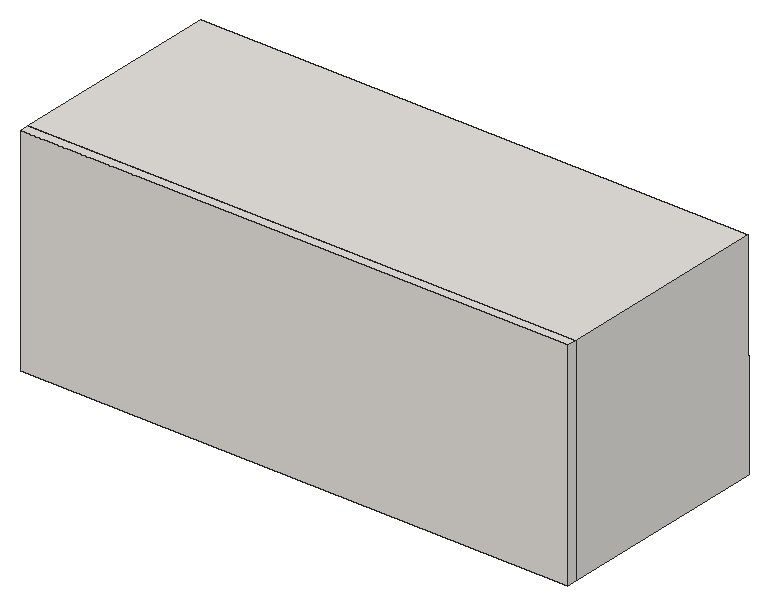
Revit family "Haworth_Compose_Overhead", category Furniture Systems, Revit 2018
Family settings
  Round Connector Dimension = Use Diameter
  Part Type = Normal
  OmniClass Number = 23.40.70.14.64.21
  OmniClass Title = Systems Furniture
  Work Plane-Based = No
  Always vertical = Yes
  Cut with Voids When Loaded = No
  Shared = No
  Room Calculation Point = No
Parameters (values of type "With Sliding Doors 42w 16h")
  Width = 42"
  Warranty = "http://www.haworth.com/resources/product-info/warranties"
  Up Mount = no
  URL - Product = "https://www.haworth.com/na/en/products/active-storage/compose-storage.html"
  URL = "www.haworth.com"
  Sustainability Info = "http://media.haworth.com/asset/2999/Compose%20PEDS.pdf"
  Standard Mount = not(Up Mount)  # yes
  Sliding Door = no
  Size = "Verify Final Dim. w/ Haworth"  # constant formula
  Revision Number = "4"  # constant formula
  No Doors = not(or(Sliding Door, Flip Door))  # no
  Mounting Height [instance] = 50"
  Model = "Haworth Compose - Overhead"  # constant formula
  Min/Max Width = "24-96 in. @ 6 in. increments"  # constant formula
  Min. Width = 24"  # constant formula
  Min. Depth = 6"  # constant formula
  Max. Width = 96"  # constant formula
  Min. Height = 8"  # constant formula
  Max. Height = 16 1/2"  # constant formula
  Max. Depth = 16"  # constant formula
  Manufacturer = "Haworth"  # constant formula
  Light Skirt = no
  Light = no
  Frame Finish = Haworth _ Laminate _ Linen H-WL
  Flip Door = yes
  Door Width = Actual Width - 2"  # 40"
  Door Height = Actual Height - 2"  # 14 1/2"
  Height = 16 1/2"
  Door Finish = Haworth _ Laminate _ Linen H-WL
  Description = "Haworth Compose - Overhead"  # constant formula
  Depth = 15 3/4"
  Custom Size = not(and(Depth = 15 3/4", or(Height = 15 3/4"), or(Actual Width = 24", Actual Width = 30", Actual Width = 36", Actual Width = 42", Actual Width = 48", Actual Width = 54", Actual Width = 60", Actual Width = 66", Actual Width = 72", Actual Width = 78", Actual Width = 84", Actual Width = 90", Actual Width = 96")))  # yes
  Bracket Finish = Haworth _ Paint _ Metallic Champagne
  Box Depth = if(Flip Door, Actual Depth + 3/4", Actual Depth)  # 16 1/2"
  Back Finish = Haworth _ Laminate _ Linen H-WL
  Author = "SHAPE Environments, LLC"  # constant formula
  Assembly Code = "E2020200"
  Actual Width = if(Width > Max. Width, Max. Width, if(Width < Min. Width, Min. Width, Width))  # 42"
  Actual Height = if(Height > Max. Height, Max. Height, if(Height < Min. Height, Min. Height, Height))  # 16 1/2"
  Standard Heights = "15 3/4 in."  # constant formula
  Standard Depth = "15 3/4 in."  # constant formula
  Actual Depth = if(Depth > Max. Depth, Max. Depth, if(Depth < Min. Depth, Min. Depth, Depth))  # 15 3/4"
Reference planes (in)
  plane 1 "Back": y = 0
  plane 2: z = 0
  plane 3 "Center L/R": x = 6.5
  plane 4 "Bottom": z = 50
  plane 5 "Top": z = 66.5
  plane 6 "Left": x = -14.5
  plane 7 "Right": x = 27.5
  plane 8 "Front": y = -16.5
  plane 9 "Inside Top": z = 65.5
  plane 10 "Inside Bottom": z = 51
  plane 11 "Inside Right": x = 26.5
  plane 12 "Inside Left": x = -13.5
  plane 13 "Center F/B": y = -8.25
Forms (in)
  Extrusion 1, solid, material "Haworth _ Laminate _ Linen H-WL" <- "Frame Finish"
    sketch origin (0, 0, 0) x (1, 0, 0) y (0, 0, 1)
      loop
        line (-14.5, 50) -> (27.5, 50) -> (27.5, 66.5) -> (-14.5, 66.5) -> (-14.5, 50)
      loop
        line (-13.5, 65.5) -> (-13.5, 51) -> (26.5, 51) -> (26.5, 65.5) -> (-13.5, 65.5)
    from 0 to 16.5
  Extrusion 2, solid, material "Haworth _ Laminate _ Linen H-WL" <- "Back Finish"
    sketch origin (0, 0, 0) x (1, 0, 0) y (0, 0, 1)
      loop
        line (-13.5, 65.5) -> (-13.5, 51) -> (26.5, 51) -> (26.5, 65.5) -> (-13.5, 65.5)
    from 0 to 0.25
Lines and regions (in)
  Masking region 1
    outline origin (0, 0, 0) x (1, 0, 0) y (0, 1, 0)
      loop
        line (-14.5, 0) -> (-14.5, -16.5) -> (27.5, -16.5) -> (27.5, 0) -> (-14.5, 0)
Dimensions and locks (in)
  "Actual Height": plane 5 "Top" to plane 4 "Bottom"
  equal spacing: plane 7 "Right", plane 3 "Center L/R", plane 6 "Left"
  "Actual Width": plane 7 "Right" to plane 6 "Left"
  "Box Depth": plane 8 "Front" to plane 1 "Back"
  locked: plane 5 "Top" to plane 9 "Inside Top" at 1
  locked: plane 10 "Inside Bottom" to plane 4 "Bottom" at 1
  locked: plane 12 "Inside Left" to plane 6 "Left" at 1
  locked: plane 7 "Right" to plane 11 "Inside Right" at 1
  locked: plane 6 "Left" to nested 3 at 0.375
  locked: nested 4 to plane 7 "Right" at 0.375
  equal spacing: plane 8 "Front", plane 13 "Center F/B", plane 1 "Back"
  "Mounting Height": plane 4 "Bottom" to level
  plane 8 "Front" to plane 1 "Back" = 16 1/2"
  aligned and locked: Extrusion 1 to plane 8 "Front"
  aligned and locked: plane 5 "Top" to Extrusion 1 sketch curve
  aligned and locked: Extrusion 1 sketch curve to plane 6 "Left"
  aligned and locked: plane 7 "Right" to Extrusion 1 sketch curve
  aligned and locked: plane 3 "Center L/R" to nested 1
  aligned: plane 10 "Inside Bottom" to nested 1
  aligned and locked: nested 1 to plane 8 "Front"
  aligned: plane 4 "Bottom" to nested 2
  aligned and locked: plane 1 "Back" to nested 2
  aligned and locked: plane 10 "Inside Bottom" to nested 1
  aligned and locked: plane 4 "Bottom" to nested 2
  aligned and locked: plane 4 "Bottom" to nested 4
  aligned and locked: plane 4 "Bottom" to nested 3
  aligned and locked: Masking region 1 sketch curve to plane 7 "Right"
  aligned and locked: plane 8 "Front" to Masking region 1 sketch curve
  aligned and locked: plane 6 "Left" to Masking region 1 sketch curve
  aligned and locked: plane 1 "Back" to Masking region 1 sketch curve
  aligned and locked: Extrusion 1 to plane 1 "Back"
  aligned and locked: Extrusion 1 to plane 9 "Inside Top"
  aligned and locked: plane 10 "Inside Bottom" to Extrusion 1
  aligned and locked: Extrusion 1 to plane 4 "Bottom"
  aligned and locked: Extrusion 1 to plane 11 "Inside Right"
  aligned and locked: plane 12 "Inside Left" to Extrusion 1
  aligned and locked: plane 6 "Left" to nested 2
  aligned and locked: plane 1 "Back" to nested 4
  aligned and locked: plane 1 "Back" to nested 3
Automatic sketch dimensions
  Extrusion 1 sketch curve to plane 9 "Inside Top" = 0"
  plane 12 "Inside Left" to Extrusion 1 sketch curve = 0"
  Extrusion 1 sketch curve to plane 11 "Inside Right" = 0"
  Extrusion 1 sketch curve to plane 4 "Bottom" = 0"
  plane 10 "Inside Bottom" to Extrusion 1 sketch curve = 0"
  Extrusion 2 sketch curve to plane 10 "Inside Bottom" = 0"
  Extrusion 2 sketch curve to plane 12 "Inside Left" = 0"
  Extrusion 2 sketch curve to plane 11 "Inside Right" = 0"
  Extrusion 2 sketch curve to plane 9 "Inside Top" = 0"
Nested families (in)
  nested 1: "Haworth_Overhead-Doors" at (4.29098, -16.5, 50), type "Haworth_Storage-Doors"
    with Door Width 20 1/2", Actual Width 40", Actual Height 14 1/2"
  nested 2: "Haworth_Overhead-Skirt" at (9, 0, 50), visible <- "Light Skirt", type "Skirt"
    with Actual Width 42", Actual Depth 16 1/2"
  nested 3: "Haworth_Overhead-Bracket" at (-11.875, 0, 50), visible <- "Up Mount", type "Bracket"
  nested 4: "Haworth_Overhead-Bracket" at (29.375, 0, 50), visible <- "Up Mount", type "Bracket"
Definition of nested family "Haworth_Overhead-Doors"
  Parameters
    Warranty = ""
    Sliding Door = no
    URL - Product = ""
    URL = "www.haworth.com"
    Sustainability Info = ""
    Size = "Verify Final Dim. w/ Haworth"  # constant formula
    Revision Number = ""
    Pull Location = 2"
    Panel Thickness = 1"
    Overlap = 1"
    OmniClass Number = ""
    Material Options = ""
    Manufacturer = "Haworth"  # constant formula
    Lock Hardware Sliding Door = no
    Lock Hardware Flip Door = no
    LEED Data = ""
    Frame Finish = none
    Flip Door = yes
    Door Width = ((Actual Width) / 2) + (Overlap / 2)  # 17 1/2"
    Door Finish = none
    Author = "SHAPE Environments, LLC"  # constant formula
    Assembly Code = ""
    Actual Width = 34"
    Actual Height = 13 3/4"
  Reference planes (in)
    plane 1 "Face of Storage": y = 0
    plane 2: z = 0
    plane 3 "Center L/R": x = 2.20902
    plane 4 "Bottom": z = 1
    plane 5 "Top": z = 14.75
    plane 6 "Left": x = -14.79098
    plane 7 "Right": x = 19.20902
    plane 8 "Left Pull": x = -12.79098
    plane 9 "Right Panel Left Limit": x = 1.70902
    plane 10 "Left Panel Right Limit": x = 2.70902
    plane 11 "Right Pull": x = 17.20902
    plane 12 "Outer Top": z = 15.75
    plane 13 "Outer Left": x = -15.79098
    plane 14 "Outer Right": x = 20.20902
    plane 15 "RearSlidingSurface": y = 1
    plane 16 "Handle Center": z = 7.375
    plane 17 "FrontSlidingSurface": y = 0.75
    plane 18 "FlipDoorGlass": y = -0.5
    plane 19: z = 7.875
  Forms (in)
    Extrusion 1, solid, material <- "Door Finish", visible <- "Sliding Door"
      sketch origin (-5.83785, 0.25, -30.75) x (-1, 0, 0) y (0, 0, 1)
        loop
          line (-7.54688, 45.5) -> (-25.04688, 45.5) -> (-25.04688, 31.75) -> (-7.54688, 31.75) -> (-7.54688, 45.5)
      from 1 to 0.75
    Extrusion 2, solid, material <- "Door Finish", visible <- "Sliding Door"
      sketch origin (-19.83785, 0.25, -30.75) x (-1, 0, 0) y (0, 0, 1)
        loop
          line (-5.04688, 45.5) -> (-22.54687, 45.5) -> (-22.54687, 31.75) -> (-5.04688, 31.75) -> (-5.04688, 45.5)
      from 0.5 to 0.75
    Extrusion 3, solid, material <- "Door Finish", visible <- "Flip Door"
      sketch origin (0, 0, 1) x (1, 0, 0) y (0, 0, 1)
        loop
          line (-15.79098, 14.75) -> (-15.79098, -1) -> (20.20902, -1) -> (20.20902, 14.75) -> (-15.79098, 14.75)
      from 0 to 0.75
  Dimensions and locks (in)
    "Actual Width": plane 7 "Right" to plane 6 "Left"
    equal spacing: plane 7 "Right", plane 3 "Center L/R", plane 6 "Left"
    "Pull Location": plane 8 "Left Pull" to plane 6 "Left"
    "Pull Location": plane 7 "Right" to plane 11 "Right Pull"
    "Panel Thickness": plane 12 "Outer Top" to plane 5 "Top"
    "Panel Thickness": plane 6 "Left" to plane 13 "Outer Left"
    "Panel Thickness": plane 14 "Outer Right" to plane 7 "Right"
    locked: plane 1 "Face of Storage" to plane 15 "RearSlidingSurface" at 1
    equal spacing: plane 5 "Top", plane 16 "Handle Center", level
    "Door Width": plane 6 "Left" to plane 10 "Left Panel Right Limit"
    "Door Width": plane 9 "Right Panel Left Limit" to plane 7 "Right"
    plane 9 "Right Panel Left Limit" to plane 10 "Left Panel Right Limit" = 1"
    locked: plane 17 "FrontSlidingSurface" to plane 15 "RearSlidingSurface" at 0.25
    "Panel Thickness": plane 4 "Bottom" to level
    equal spacing: plane 12 "Outer Top", plane 19, level
    "Actual Height": plane 5 "Top" to plane 4 "Bottom"
    aligned and locked: plane 5 "Top" to Extrusion 2
    aligned: Extrusion 2 to plane 4 "Bottom"
    aligned and locked: plane 5 "Top" to Extrusion 1
    aligned: Extrusion 1 to plane 4 "Bottom"
    aligned and locked: plane 10 "Left Panel Right Limit" to Extrusion 2
    aligned and locked: Extrusion 1 to plane 9 "Right Panel Left Limit"
    aligned and locked: plane 13 "Outer Left" to Extrusion 3 sketch curve
    aligned and locked: Extrusion 3 sketch curve to plane 12 "Outer Top"
    aligned and locked: Extrusion 3 sketch curve to plane 14 "Outer Right"
    aligned and locked: plane 8 "Left Pull" to nested 1
    aligned and locked: plane 11 "Right Pull" to nested 2
    aligned: plane 16 "Handle Center" to nested 1  (x3)
    aligned: plane 15 "RearSlidingSurface" to nested 1
    aligned and locked: plane 15 "RearSlidingSurface" to nested 2
    aligned and locked: plane 17 "FrontSlidingSurface" to nested 1
    aligned: plane 16 "Handle Center" to nested 2  (x2)
    aligned and locked: plane 3 "Center L/R" to nested 3
    aligned: nested 3 to plane 2
    aligned and locked: plane 19 to nested 1
    aligned and locked: plane 19 to nested 2
  Automatic sketch dimensions
    Extrusion 1 sketch curve to plane 7 "Right" = 0"
    Extrusion 1 sketch curve to plane 3 "Center L/R" = 1/2"
    plane 4 "Bottom" to Extrusion 1 sketch curve = 0"
    Extrusion 1 sketch curve to plane 5 "Top" = 0"
    Extrusion 2 sketch curve to plane 5 "Top" = 0"
    plane 3 "Center L/R" to Extrusion 2 sketch curve = 1/2"
    plane 6 "Left" to Extrusion 2 sketch curve = 0"
    plane 4 "Bottom" to Extrusion 2 sketch curve = 0"
    Extrusion 3 sketch curve to level = 0"
  Nested families (in)
    nested 1: "Haworth_Handle" at (-12.79098, 0.75, 7.875), visible <- "Sliding Door", type "Haworth_Handle"
      with Handle Length 11 5/8", Door Height 13 3/4"
    nested 2: "Haworth_Handle" at (17.20902, 1, 7.875), visible <- "Sliding Door", type "Haworth_Handle"
      with Handle Length 11 5/8", Door Height 13 3/4"
    nested 3: "Haworth-Lock" at (2.20902, -0.75, 1) x (1, 0, 0) z (0, -1, 0), visible <- "Lock Hardware Flip Door", type "Haworth-Lock"
    nested 4: "Haworth-Lock" at (3.95902, 1, 2.30496) x (-1, 0, 0) z (0, 1, 0), visible <- "Lock Hardware Sliding Door", type "Haworth-Lock"
  Definition of nested family "Haworth_Handle"
    Parameters
      Handle Length = Door Height - 2 1/8"  # 11 7/16"
      Handle Finish = none
      Door Height = 13 9/16"
      Assembly Code = ""
    Reference planes (in)
      plane 1 "Center (Front/Back)": y = 0
      plane 2: z = 0
      plane 3 "Center (Left/Right)": x = 0
      plane 4: z = 5.71875
      plane 5: z = -5.71875
      plane 6: z = 0
    Forms (in)
      Extrusion 1, solid, material <- "Handle Finish"
        sketch origin (0, 0, 0) x (1, 0, 0) y (0, 1, 0)
          loop
            line (-0.125, -0.5) -> (0.125, -0.5) -> (0.1875, 0) -> (-0.1875, 0) -> (-0.125, -0.5)
        from -5.71875 to 5.71875
    Dimensions and locks (in)
      equal spacing: plane 4, level, plane 5
      "Handle Length": plane 4 to plane 5
      aligned and locked: plane 4 to Extrusion 1
      aligned and locked: Extrusion 1 to plane 5
      aligned and locked: level to plane 6
    Automatic sketch dimensions
      plane 1 "Center (Front/Back)" to Extrusion 1 sketch curve = 0"
      Extrusion 1 sketch curve to plane 3 "Center (Left/Right)" = 3/16"
      Extrusion 1 sketch curve to plane 3 "Center (Left/Right)" = 1/8"
      plane 3 "Center (Left/Right)" to Extrusion 1 sketch curve = 1/8"
      plane 3 "Center (Left/Right)" to Extrusion 1 sketch curve = 3/16"
      plane 1 "Center (Front/Back)" to Extrusion 1 sketch curve = 1/2"
  Definition of nested family "Haworth-Lock"
    Parameters
      Lock Radius = 1/2"
      Default Elevation = 48"
      Assembly Code = ""
    Reference planes (in)
      plane 1 "Center (Front/Back)": y = 0
      plane 2: z = 0
      plane 3 "Center (Left/Right)": x = 0
    Forms (in)
      Extrusion 1, solid
        sketch origin (0, 0, 0) x (1, 0, 0) y (0, 1, 0)
          loop
            line (-48, 48) -> (-48, -48) -> (48, -48) -> (48, 48) -> (-48, 48)
        from 0 to -12
      Extrusion 2, solid, detail levels medium+fine
        sketch origin (0, 0, 0) x (1, 0, 0) y (0, 1, 0)
          loop
            circle (0, 0) r 0.5
        from 0 to 0.0625
    Dimensions and locks (in)
      "Lock Radius": radius of Extrusion 2 sketch curve
      aligned and locked: plane 2 to Extrusion 1
      aligned and locked: level to Extrusion 1
    Automatic sketch dimensions
      Extrusion 1 sketch curve to Extrusion 1 sketch curve = 96"  (x2)
      plane 1 "Center (Front/Back)" to Extrusion 2 sketch curve = 0"
      Extrusion 2 sketch curve to plane 3 "Center (Left/Right)" = 0"
Definition of nested family "Haworth_Overhead-Skirt"
  Parameters
    Warranty = ""
    URL - Product = ""
    URL = "www.haworth.com"
    Sustainability Info = ""
    Size = "Verify Final Dim. w/ Haworth"  # constant formula
    Revision Number = ""
    OmniClass Number = ""
    Min/Max Width = ""
    Min/Max Height = ""
    Material Options = ""
    Manufacturer = "Haworth"  # constant formula
    LEED Data = ""
    Frame Finish = none
    Author = "SHAPE Environments, LLC"  # constant formula
    Assembly Code = ""
    Actual Width = 24"
    Actual Height = 1 1/2"
    Actual Depth = 15 5/8"
  Reference planes (in)
    plane 1 "Center F/B": y = 0
    plane 2: z = 0
    plane 3 "Center L/R": x = -2.5
    plane 4: x = -14.5
    plane 5: x = 9.5
    plane 6 "front": y = -15.625
    plane 7: z = -1.5
  Forms (in)
    Sweep 1, solid, material <- "Frame Finish"
      path origin (0, 0, 0) x (1, 0, 0) y (0, 1, 0)
        loop
          line (-14.5, 0) -> (-14.5, -15.625) -> (9.5, -15.625) -> (9.5, 0)
      profile origin (-14.5, -7.8125, 0) x (1, 0, 0) y (0, 0, 1)
        loop
          line (0, 0) -> (0, -1.5) -> (0.125, -1.5) -> (0.125, -0.125) -> (0.5, -0.125) -> (0.5, 0) -> (0, 0)
  Dimensions and locks (in)
    equal spacing: plane 4, plane 3 "Center L/R", plane 5
    "Actual Width": plane 4 to plane 5
    "Actual Depth": plane 6 "front" to plane 1 "Center F/B"
    "Actual Height": level to plane 7
    aligned and locked: Sweep 1 sketch curve to plane 4
    aligned and locked: plane 6 "front" to Sweep 1 sketch curve
    aligned and locked: plane 5 to Sweep 1 sketch curve
  Automatic sketch dimensions
    plane 1 "Center F/B" to Sweep 1 sketch curve = 0"  (x2)
    Sweep 1 sketch curve to level = 0"
    profile plane to Sweep 1 sketch curve = 0"
    Sweep 1 sketch curve to profile plane = 1/8"
    Sweep 1 sketch curve to Sweep 1 sketch curve = 3/8"
    Sweep 1 sketch curve to level = 1/8"
    Sweep 1 sketch curve to Sweep 1 sketch curve = 1 3/8"
Definition of nested family "Haworth_Overhead-Bracket"
  Parameters
    Warranty = ""
    URL - Product = ""
    URL = "www.haworth.com"
    Sustainability Info = ""
    Size = "Verify Final Dim. w/ Haworth"  # constant formula
    Revision Number = ""
    OmniClass Number = ""
    Min/Max Width = ""
    Min/Max Height = ""
    Material Options = ""
    Manufacturer = "Haworth"  # constant formula
    LEED Data = ""
    Frame Finish = none
    Author = "SHAPE Environments, LLC"  # constant formula
    Assembly Code = ""
    Actual Width = 1/2"
    Actual Height = 8 3/4"
    Actual Depth = 9 1/4"
  Reference planes (in)
    plane 1 "Back": y = 0
    plane 2: z = 0
    plane 3 "Center L/R": x = -2.25
    plane 4 "Right": x = -2
    plane 5 "Front": y = -9.25
    plane 6: z = -8.75
    plane 7 "Left": x = -2.5
  Forms (in)
    Extrusion 1, solid, material <- "Frame Finish"
      sketch origin (-2.25, 0, 0) x (0, 1, 0) y (0, 0, 1)
        loop
          line (0, -8.75) -> (0, 0) -> (-9.25, 0) -> (0, -8.75)
      from -0.25 to 0.25
  Dimensions and locks (in)
    "Actual Depth": plane 5 "Front" to plane 1 "Back"
    "Actual Height": level to plane 6
    equal spacing: plane 7 "Left", plane 3 "Center L/R", plane 4 "Right"
    "Actual Width": plane 7 "Left" to plane 4 "Right"
    aligned and locked: plane 4 "Right" to Extrusion 1
    aligned and locked: plane 7 "Left" to Extrusion 1
  Automatic sketch dimensions
    Extrusion 1 sketch curve to level = 0"
    Extrusion 1 sketch curve to plane 5 "Front" = 0"
    Extrusion 1 sketch curve to plane 1 "Back" = 0"
    Extrusion 1 sketch curve to plane 6 = 0"
Types in the file's own list only (34): name | Width | Sliding Door | No Doors | Flip Door | Door Width | Door Height | Height | Depth | Box Depth | Actual Width | Actual Height | Actual Depth
  Without Doors 24w 16h | 24" | No | Yes | No | 22" | 14 1/2" | 16 1/2" | 15 3/4" | 15 3/4" | 24" | 16 1/2" | 15 3/4"
  Without Doors 30w 16h | 30" | No | Yes | No | 28" | 14 1/2" | 16 1/2" | 15 3/4" | 15 3/4" | 30" | 16 1/2" | 15 3/4"
  Without Doors 36w 16h | 36" | No | Yes | No | 34" | 14 1/2" | 16 1/2" | 15 3/4" | 15 3/4" | 36" | 16 1/2" | 15 3/4"
  Without Doors 40w 16h | 40" | No | Yes | No | 38" | 14 1/2" | 16 1/2" | 15 3/4" | 15 3/4" | 40" | 16 1/2" | 15 3/4"
  Without Doors 42w 16h | 42" | No | Yes | No | 40" | 14 1/2" | 16 1/2" | 15 3/4" | 15 3/4" | 42" | 16 1/2" | 15 3/4"
  Without Doors 48w 16h | 48" | No | Yes | No | 46" | 14 1/2" | 16 1/2" | 15 3/4" | 15 3/4" | 48" | 16 1/2" | 15 3/4"
  Without Doors 54w 16h | 54" | No | Yes | No | 52" | 14 1/2" | 16 1/2" | 15 3/4" | 15 3/4" | 54" | 16 1/2" | 15 3/4"
  Without Doors 60w 16h | 60" | No | Yes | No | 58" | 14 1/2" | 16 1/2" | 15 3/4" | 15 3/4" | 60" | 16 1/2" | 15 3/4"
  Without Doors 66w 16h | 66" | No | Yes | No | 64" | 14 1/2" | 16 1/2" | 15 3/4" | 15 3/4" | 66" | 16 1/2" | 15 3/4"
  Without Doors 72w 16h | 72" | No | Yes | No | 70" | 14 1/2" | 16 1/2" | 15 3/4" | 15 3/4" | 72" | 16 1/2" | 15 3/4"
  Without Doors 80w 16h | 80" | No | Yes | No | 78" | 14 1/2" | 16 1/2" | 15 3/4" | 15 3/4" | 80" | 16 1/2" | 15 3/4"
  Without Doors 84w 16h | 84" | No | Yes | No | 82" | 14 1/2" | 16 1/2" | 15 3/4" | 15 3/4" | 84" | 16 1/2" | 15 3/4"
  Without Doors 96w 16h | 96" | No | Yes | No | 94" | 14 1/2" | 16 1/2" | 15 3/4" | 15 3/4" | 96" | 16 1/2" | 15 3/4"
  With Sliding Doors 24w 16h | 24" | Yes | No | No | 22" | 14 1/2" | 16 1/2" | 15 3/4" | 15 3/4" | 24" | 16 1/2" | 15 3/4"
  With Sliding Doors 30w 16h | 30" | Yes | No | No | 28" | 14 1/2" | 16 1/2" | 15 3/4" | 15 3/4" | 30" | 16 1/2" | 15 3/4"
  With Sliding Doors 36w 16h | 36" | Yes | No | No | 34" | 14 1/2" | 16 1/2" | 15 3/4" | 15 3/4" | 36" | 16 1/2" | 15 3/4"
  With Sliding Doors 40w 16h | 40" | Yes | No | No | 38" | 14 1/2" | 16 1/2" | 15 3/4" | 15 3/4" | 40" | 16 1/2" | 15 3/4"
  With Sliding Doors 48w 16h | 48" | Yes | No | No | 46" | 14 1/2" | 16 1/2" | 15 3/4" | 15 3/4" | 48" | 16 1/2" | 15 3/4"
  With Sliding Doors 54w 16h | 54" | Yes | No | No | 52" | 14 1/2" | 16 1/2" | 15 3/4" | 15 3/4" | 54" | 16 1/2" | 15 3/4"
  With Sliding Doors 60w 16h | 60" | Yes | No | No | 58" | 14 1/2" | 16 1/2" | 15 3/4" | 15 3/4" | 60" | 16 1/2" | 15 3/4"
  With Sliding Doors 66w 16h | 66" | Yes | No | No | 64" | 14 1/2" | 16 1/2" | 15 3/4" | 15 3/4" | 66" | 16 1/2" | 15 3/4"
  With Sliding Doors 72w 16h | 72" | Yes | No | No | 70" | 14 1/2" | 16 1/2" | 15 3/4" | 15 3/4" | 72" | 16 1/2" | 15 3/4"
  With Sliding Doors 80w 16h | 80" | Yes | No | No | 78" | 14 1/2" | 16 1/2" | 15 3/4" | 15 3/4" | 80" | 16 1/2" | 15 3/4"
  With Sliding Doors 84w 16h | 84" | Yes | No | No | 82" | 14 1/2" | 16 1/2" | 15 3/4" | 15 3/4" | 84" | 16 1/2" | 15 3/4"
  With Sliding Doors 96w 16h | 96" | Yes | No | No | 94" | 14 1/2" | 16 1/2" | 15 3/4" | 15 3/4" | 96" | 16 1/2" | 15 3/4"
  With Flip Doors 24w 16h | 24" | No | No | Yes | 22" | 14" | 16" | 14" | 14 3/4" | 24" | 16" | 14"
  With Flip Doors 30w 16h | 30" | No | No | Yes | 28" | 14" | 16" | 14" | 14 3/4" | 30" | 16" | 14"
  With Flip Doors 36w 16h | 36" | No | No | Yes | 34" | 14" | 16" | 14" | 14 3/4" | 36" | 16" | 14"
  With Flip Doors 42w 16h | 42" | No | No | Yes | 40" | 14" | 16" | 14" | 14 3/4" | 42" | 16" | 14"
  With Flip Doors 48w 16h | 48" | No | No | Yes | 46" | 14" | 16" | 14" | 14 3/4" | 48" | 16" | 14"
  With Flip Doors 54w 16h | 54" | No | No | Yes | 52" | 14" | 16" | 14" | 14 3/4" | 54" | 16" | 14"
  With Flip Doors 60w 16h | 60" | No | No | Yes | 58" | 14" | 16" | 14" | 14 3/4" | 60" | 16" | 14"
  With Flip Doors 66w 16h | 66" | No | No | Yes | 64" | 14" | 16" | 14" | 14 3/4" | 66" | 16" | 14"
  With Flip Doors 72w 16h | 72" | No | No | Yes | 70" | 14" | 16" | 14" | 14 3/4" | 72" | 16" | 14"
